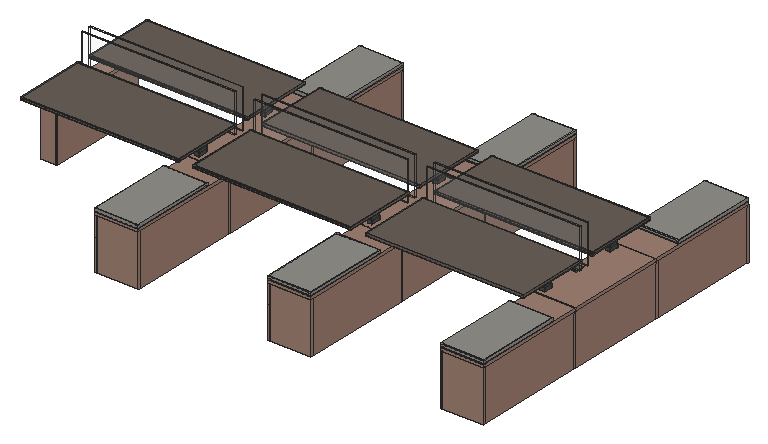
Revit family "T200199", category Furniture, Revit 2015 (continued)
Definition of nested family "STAKS HEIGHT ADJUSTABLE WORK GROUP CABINET Double Sided Dual User"
  Dimensions and locks (in)
    aligned and locked: Extrusion 6 to plane 1 "Center Front/Back"
    aligned and locked: Extrusion 4 to plane 19
    aligned and locked: Extrusion 3 to plane 18
    aligned and locked: plane 11 to Extrusion 8
    aligned and locked: Extrusion 8 to plane 13
    aligned and locked: Extrusion 4 to Extrusion 9
    aligned and locked: Extrusion 6 to Extrusion 9
    aligned and locked: Extrusion 9 to Extrusion 2
    aligned and locked: plane 23 to Extrusion 8
    aligned and locked: Extrusion 8 to plane 22
    aligned and locked: Extrusion 5 to plane 20
    aligned and locked: cut or joined group of Extrusion 7, Extrusion 9 to plane 12
    aligned and locked: plane 25 to Extrusion 11
    aligned and locked: plane 26 to Extrusion 10
    aligned and locked: Extrusion 11 to plane 26
    aligned and locked: plane 11 to Extrusion 1
    aligned and locked: plane 11 to Extrusion 5
    aligned and locked: Extrusion 1 to plane 5 "Front End"
    aligned and locked: Extrusion 2 to plane 5 "Front End"
    aligned and locked: cut or joined group of Extrusion 7, Extrusion 9 to plane 4 "Left End"
    aligned and locked: cut or joined group of Extrusion 7, Extrusion 9 to plane 6 "Right End"
    aligned and locked: Extrusion 1 to plane 12
    aligned and locked: plane 16 to Revolve 12
    aligned and locked: plane 15 to Revolve 13
    aligned and locked: Extrusion 5 to plane 13
    aligned and locked: Extrusion 10 to plane 8 "Height Top"
    aligned and locked: Extrusion 14 to plane 8 "Height Top"
    aligned and locked: Extrusion 15 to plane 25
    aligned and locked: Extrusion 14 to plane 26
    aligned and locked: plane 26 to Extrusion 15
    aligned and locked: plane 24 to Extrusion 16
    aligned and locked: Extrusion 16 to plane 27
    aligned and locked: Blend 17 to plane 25
    aligned and locked: plane 27 to Blend 17
    aligned and locked: Extrusion 18 to plane 24
    aligned and locked: Blend 19 to plane 27
    aligned and locked: plane 27 to Extrusion 18
    aligned and locked: plane 25 to Blend 19
    aligned and locked: Extrusion 26 to plane 24
    aligned and locked: Extrusion 28 to plane 24
    aligned and locked: plane 27 to Blend 27
    aligned and locked: Extrusion 26 to plane 27
    aligned and locked: plane 27 to Blend 29
    aligned and locked: Extrusion 28 to plane 27
    aligned and locked: plane 25 to Blend 27
    aligned and locked: plane 25 to Blend 29
    aligned and locked: Extrusion 21 to plane 25
    aligned and locked: Extrusion 25 to plane 25
    aligned and locked: Extrusion 20 to plane 26
    aligned and locked: plane 26 to Extrusion 21
    aligned and locked: Extrusion 24 to plane 26
    aligned and locked: plane 26 to Extrusion 25
    aligned and locked: plane 18 to Extrusion 2
    aligned and locked: plane 18 to Extrusion 1
    aligned and locked: cut or joined group of Extrusion 6, Extrusion 9 to plane 4 "Left End"
    aligned and locked: cut or joined group of Extrusion 6, Extrusion 9 to plane 6 "Right End"
    aligned and locked: Extrusion 24 to plane 8 "Height Top"
    aligned and locked: plane 8 "Height Top" to Extrusion 14
    aligned and locked: Extrusion 20 to plane 8 "Height Top"
  Automatic sketch dimensions
    Extrusion 1 sketch curve to plane 5 "Front End" = 0.00"
    plane 1 "Center Front/Back" to Extrusion 1 sketch curve = 0.75"
    Extrusion 2 sketch curve to plane 5 "Front End" = 0.00"
    Extrusion 2 sketch curve to plane 6 "Right End" = 0.00"
    Extrusion 2 sketch curve to plane 10 = 0.00"
    Extrusion 2 sketch curve to plane 1 "Center Front/Back" = 0.75"
    Extrusion 3 sketch curve to plane 5 "Front End" = 0.00"
    Extrusion 3 sketch curve to plane 18 = 0.00"
    Extrusion 4 sketch curve to plane 4 "Left End" = 0.00"
    Extrusion 4 sketch curve to plane 6 "Right End" = 0.00"
    Extrusion 4 sketch curve to plane 17 = 0.00"
    plane 1 "Center Front/Back" to Extrusion 4 sketch curve = 0.00"
    Extrusion 5 sketch curve to plane 5 "Front End" = 0.00"
    Extrusion 5 sketch curve to plane 20 = 0.00"
    Extrusion 5 sketch curve to plane 21 = 0.00"
    Extrusion 5 sketch curve to plane 18 = 0.00"
    Extrusion 6 sketch curve to plane 9 = 0.75"
    Extrusion 6 sketch curve to plane 10 = 0.75"
    Extrusion 6 sketch curve to plane 18 = 0.00"
    plane 1 "Center Front/Back" to Extrusion 6 sketch curve = 0.00"
    Extrusion 7 sketch curve to plane 4 "Left End" = 0.00"
    Extrusion 7 sketch curve to plane 6 "Right End" = 0.00"
    plane 17 to Extrusion 7 sketch curve = 0.00"
    Extrusion 7 sketch curve to plane 5 "Front End" = 0.00"
    Extrusion 8 sketch curve to plane 5 "Front End" = 0.00"
    Extrusion 8 sketch curve to plane 22 = 0.00"
    Extrusion 8 sketch curve to plane 23 = 0.00"
    Extrusion 8 sketch curve to plane 18 = 0.00"
    Extrusion 9 sketch curve to plane 11 = 0.00"
    Extrusion 9 sketch curve to plane 21 = 0.00"
    plane 23 to Extrusion 9 sketch curve = 0.00"
    plane 8 "Height Top" to Extrusion 9 sketch curve = 1.3125"
    Extrusion 10 sketch curve to plane 14 = 0.00"
    Extrusion 10 sketch curve to plane 16 = 0.00"
    Extrusion 10 sketch curve to plane 14 = 2.00"
    Extrusion 10 sketch curve to plane 16 = 0.125"  (x2)
    Extrusion 10 sketch curve to Extrusion 10 sketch curve = 3.50"
    Extrusion 10 sketch curve to Extrusion 10 sketch curve = 0.00"
    Extrusion 10 sketch curve to Extrusion 10 sketch curve = 0.125"
    Extrusion 11 sketch curve to plane 14 = 0.1875"
    Extrusion 11 sketch curve to plane 16 = 3.625"
    Extrusion 11 sketch curve to plane 16 = 0.1875"  (x2)
    Extrusion 11 sketch curve to plane 14 = 1.875"
    Extrusion 11 sketch curve to Extrusion 11 sketch curve = 0.0625"  (x3)
    Revolve 12 sketch curve to level = 0.00"
    plane 16 to Revolve 12 sketch curve = 0.00"
    Revolve 12 sketch curve to plane 12 = 0.00"  (x2)
    level to Revolve 12 sketch curve = 0.12502"
    Revolve 12 sketch curve to Revolve 12 sketch curve = 0.06202"
    Revolve 12 sketch curve to Revolve 12 sketch curve = 0.12498"
    Revolve 12 sketch curve to plane 16 = 0.188"  (x2)
    plane 12 to Revolve 12 sketch curve = 0.25"
    Revolve 13 sketch curve to level = 0.00"
    plane 15 to Revolve 13 sketch curve = 0.00"
    Revolve 13 sketch curve to plane 12 = 0.00"  (x2)
    level to Revolve 13 sketch curve = 0.25"
    Revolve 13 sketch curve to Revolve 13 sketch curve = 0.06202"
    Revolve 13 sketch curve to Revolve 13 sketch curve = 0.12498"
    plane 15 to Revolve 13 sketch curve = 0.188"  (x2)
    plane 12 to Revolve 13 sketch curve = 0.25"
    plane 14 to Extrusion 14 sketch curve = 0.00"
    Extrusion 14 sketch curve to plane 15 = 0.00"
    Extrusion 14 sketch curve to plane 14 = 0.125"
    plane 15 to Extrusion 14 sketch curve = 0.125"
    Extrusion 14 sketch curve to Extrusion 14 sketch curve = 3.50"
    Extrusion 14 sketch curve to Extrusion 14 sketch curve = 0.00"
    Extrusion 14 sketch curve to Extrusion 14 sketch curve = 0.125"
    Extrusion 14 sketch curve to Extrusion 14 sketch curve = 1.75"
    Extrusion 15 sketch curve to plane 14 = 0.1875"
    plane 15 to Extrusion 15 sketch curve = 3.625"
    Extrusion 15 sketch curve to plane 14 = 0.125"
    Extrusion 15 sketch curve to Extrusion 15 sketch curve = 0.0625"  (x2)
    plane 15 to Extrusion 15 sketch curve = 0.1875"  (x2)
    Extrusion 15 sketch curve to Extrusion 15 sketch curve = 1.625"
    Extrusion 16 sketch curve to plane 16 = 0.00"  (x2)
    plane 17 to Extrusion 16 sketch curve = 3.375"
    plane 16 to Extrusion 16 sketch curve = 0.125"
    Extrusion 16 sketch curve to plane 14 = 2.125"
    Extrusion 16 sketch curve to Extrusion 16 sketch curve = 3.75"  (x2)
    Extrusion 16 sketch curve to Extrusion 16 sketch curve = 0.125"
    Blend 17 sketch curve to plane 16 = 0.125"
    plane 17 to Blend 17 sketch curve = 2.125"
    Blend 17 sketch curve to Blend 17 sketch curve = 0.125"  (x4)
    Blend 17 sketch curve to Blend 17 sketch curve = 3.25"
    Blend 17 sketch curve to Blend 17 sketch curve = 0.00"
    Blend 17 sketch curve to plane 14 = 1.75"
    Blend 17 sketch curve to plane 16 = 0.00"  (x2)
    plane 17 to Blend 17 sketch curve = 3.375"
    plane 16 to Blend 17 sketch curve = 0.125"
    Blend 17 sketch curve to Blend 17 sketch curve = 3.75"  (x2)
    Blend 17 sketch curve to plane 14 = 2.00"
    Extrusion 18 sketch curve to plane 15 = 0.00"  (x2)
    Extrusion 18 sketch curve to plane 17 = 3.375"
    plane 15 to Extrusion 18 sketch curve = 0.125"
    plane 14 to Extrusion 18 sketch curve = 2.125"
    Extrusion 18 sketch curve to Extrusion 18 sketch curve = 3.75"  (x2)
    Extrusion 18 sketch curve to Extrusion 18 sketch curve = 0.125"
    Blend 19 sketch curve to plane 15 = 0.125"
    Blend 19 sketch curve to plane 17 = 2.125"
    Blend 19 sketch curve to Blend 19 sketch curve = 0.125"  (x4)
    Blend 19 sketch curve to Blend 19 sketch curve = 3.25"
    Blend 19 sketch curve to Blend 19 sketch curve = 0.00"
    plane 14 to Blend 19 sketch curve = 1.75"
    Blend 19 sketch curve to plane 15 = 0.00"  (x2)
    Blend 19 sketch curve to plane 17 = 3.375"
    plane 15 to Blend 19 sketch curve = 0.125"
    Blend 19 sketch curve to Blend 19 sketch curve = 3.75"  (x2)
    plane 14 to Blend 19 sketch curve = 2.00"
    Extrusion 20 sketch curve to plane 16 = 0.00"
    Extrusion 20 sketch curve to plane 16 = 0.125"  (x2)
    Extrusion 20 sketch curve to plane 18 = 0.75"
    Extrusion 20 sketch curve to Extrusion 20 sketch curve = 3.75"
    Extrusion 20 sketch curve to Extrusion 20 sketch curve = 0.00"
    Extrusion 20 sketch curve to Extrusion 20 sketch curve = 0.125"
    Extrusion 20 sketch curve to Extrusion 20 sketch curve = 1.75"
    Extrusion 21 sketch curve to plane 18 = 0.9375"
    Extrusion 21 sketch curve to plane 16 = 3.875"
    Extrusion 21 sketch curve to plane 18 = 0.875"
    Extrusion 21 sketch curve to Extrusion 21 sketch curve = 0.0625"  (x2)
    Extrusion 21 sketch curve to plane 16 = 0.1875"  (x2)
    Extrusion 21 sketch curve to Extrusion 21 sketch curve = 1.625"
    Revolve 22 sketch curve to level = 0.00"
    plane 16 to Revolve 22 sketch curve = 0.00"
    Revolve 22 sketch curve to plane 12 = 0.00"  (x2)
    level to Revolve 22 sketch curve = 0.25"
    Revolve 22 sketch curve to Revolve 22 sketch curve = 0.06202"
    Revolve 22 sketch curve to Revolve 22 sketch curve = 0.12498"
    Revolve 22 sketch curve to plane 16 = 0.188"  (x2)
    plane 12 to Revolve 22 sketch curve = 0.25"
    Revolve 23 sketch curve to level = 0.00"
    plane 15 to Revolve 23 sketch curve = 0.00"
    Revolve 23 sketch curve to plane 12 = 0.00"  (x2)
    level to Revolve 23 sketch curve = 0.12502"
    Revolve 23 sketch curve to plane 15 = 0.06202"
    Revolve 23 sketch curve to Revolve 23 sketch curve = 0.12498"
    plane 15 to Revolve 23 sketch curve = 0.188"  (x2)
    plane 12 to Revolve 23 sketch curve = 0.25"
    Extrusion 24 sketch curve to plane 15 = 0.00"
    Extrusion 24 sketch curve to plane 18 = 2.75"
    plane 15 to Extrusion 24 sketch curve = 0.125"  (x2)
    Extrusion 24 sketch curve to Extrusion 24 sketch curve = 3.50"
    Extrusion 24 sketch curve to plane 18 = 0.75"
    Extrusion 24 sketch curve to Extrusion 24 sketch curve = 0.00"
    Extrusion 24 sketch curve to Extrusion 24 sketch curve = 0.125"
    Extrusion 25 sketch curve to plane 18 = 0.9375"
    plane 15 to Extrusion 25 sketch curve = 3.625"
    plane 15 to Extrusion 25 sketch curve = 0.1875"  (x2)
    Extrusion 25 sketch curve to plane 18 = 2.625"
    Extrusion 25 sketch curve to Extrusion 25 sketch curve = 0.0625"  (x3)
    Extrusion 26 sketch curve to plane 16 = 0.00"  (x2)
    plane 1 "Center Front/Back" to Extrusion 26 sketch curve = 3.375"
    Extrusion 26 sketch curve to plane 16 = 0.125"
    Extrusion 26 sketch curve to Extrusion 26 sketch curve = 4.00"  (x2)
    Extrusion 26 sketch curve to Extrusion 26 sketch curve = 0.125"
    plane 18 to Extrusion 26 sketch curve = 2.75"
    plane 16 to Blend 27 sketch curve = 0.125"
    plane 1 "Center Front/Back" to Blend 27 sketch curve = 2.125"
    Blend 27 sketch curve to Blend 27 sketch curve = 0.125"  (x4)
    Blend 27 sketch curve to Blend 27 sketch curve = 3.50"
    Blend 27 sketch curve to Blend 27 sketch curve = 0.00"
    plane 18 to Blend 27 sketch curve = 2.50"
    Blend 27 sketch curve to plane 16 = 0.00"  (x2)
    plane 1 "Center Front/Back" to Blend 27 sketch curve = 3.375"
    Blend 27 sketch curve to plane 16 = 0.125"
    Blend 27 sketch curve to Blend 27 sketch curve = 4.00"  (x2)
    plane 18 to Blend 27 sketch curve = 2.75"
    Extrusion 28 sketch curve to plane 15 = 0.00"  (x2)
    Extrusion 28 sketch curve to plane 1 "Center Front/Back" = 3.375"
    Extrusion 28 sketch curve to Extrusion 28 sketch curve = 0.125"  (x2)
    Extrusion 28 sketch curve to Extrusion 28 sketch curve = 3.75"
    plane 15 to Extrusion 28 sketch curve = 3.75"
    Extrusion 28 sketch curve to plane 18 = 2.75"
    plane 15 to Blend 29 sketch curve = 0.125"
    Blend 29 sketch curve to plane 1 "Center Front/Back" = 2.125"
    Blend 29 sketch curve to Blend 29 sketch curve = 0.125"  (x4)
    Blend 29 sketch curve to Blend 29 sketch curve = 3.25"
    Blend 29 sketch curve to Blend 29 sketch curve = 0.00"
    Blend 29 sketch curve to plane 18 = 2.50"
    Blend 29 sketch curve to plane 15 = 0.00"  (x2)
    Blend 29 sketch curve to plane 1 "Center Front/Back" = 3.375"
    Blend 29 sketch curve to plane 15 = 0.125"
    Blend 29 sketch curve to Blend 29 sketch curve = 3.75"
    plane 15 to Blend 29 sketch curve = 3.75"
    Blend 29 sketch curve to plane 18 = 2.75"
Definition of nested family "STAKS HEIGHT ADJUSTABLE WORK GROUP CABINET Dual User"
  Parameters (values of type "STAKS HEIGHT ADJUSTABLE WORK GROUP CABINET Dual User")
    Width = 42.00"
    URL = "http://ofs.com"
    Top Material = none
    Top Board Back Offset = 0.00"
    Table Height [instance] = 27.75"
    Depth = 18.00"
    Column Plate Thickness = 2.00"
    Column Material = none
    Box Width = 7.00"
    Board Thick Top = 1.125"
    Board Thick Door = 0.75"
    Board Material = none
    Model = "6-4218HAWC3"
    Manufacturer = "OFS"
    Leg Caps Material = none
    Leg Offset = 2.00"
    Board Thick Internal = 0.75"
    Height = 23.00"
    Description = "OFS STAKS HEIGHT ADJUSTABLE CABINET Dual User (Two Lifting Columns)"
    Copyright © = "© OFS 2018"
    Catalog = "https://ofs.com/products/open-plan/benching/staks"
    Bottom Board Offset = 0.50"
    Board Thick Bot = 1.00"
    Board Thick Sides = 0.75"
    Board Thick Front = 0.75"
    Board Thick Back = 0.75"
    Authoring Version = "Autodesk Revit Architecture 2013"
    Assembly Code = "E2020200"
  Reference planes (in)
    plane 1 "Center Front/Back": y = 0
    plane 2: z = 0
    plane 3 "Center Left/Right": x = 0
    plane 4 "Left End": x = -21
    plane 5 "Front End": y = -17.25
    plane 6 "Right End": x = 21
    plane 7 "Back End": y = 0
    plane 8 "Height Top": z = 23
    plane 9: x = -20.25
    plane 10: x = 20.25
    plane 11: z = 21.875
    plane 12: z = 0.5
    plane 13: z = 1.5
    plane 14: y = -16.5
    plane 15: x = 19
    plane 16: x = -19
    plane 17: y = -18
    plane 18: y = -0.75
    plane 19: y = 0
    plane 20: x = -4.25
    plane 21: x = -3.5
    plane 22: x = 4.25
    plane 23: x = 3.5
    plane 24: z = 27.75
    plane 25: z = 25.75
    plane 26: z = 24.375
    plane 27: z = 26.75
  Forms (in)
    Extrusion 1, solid, material <- "Board Material"
      sketch origin (0, 0, 0) x (1, 0, 0) y (0, 1, 0)
        loop
          line (-21, -0.75) -> (-21, -17.25) -> (-20.25, -17.25) -> (-20.25, -0.75) -> (-21, -0.75)
      from 0.5 to 21.875
    Extrusion 2, solid, material <- "Board Material"
      sketch origin (0, 0, 0) x (-1, 0, 0) y (0, -1, 0)
        loop
          line (-21, 0.75) -> (-20.25, 0.75) -> (-20.25, 17.25) -> (-21, 17.25) -> (-21, 0.75)
      from 0.5 to 21.875
    Extrusion 3, solid, material <- "Board Material"
      sketch origin (0, 0, 0) x (1, 0, 0) y (0, 1, 0)
        loop
          line (-20.25, -0.75) -> (-20.25, -17.25) -> (20.25, -17.25) -> (20.25, -0.75) -> (-20.25, -0.75)
      from 0.5 to 1.5
    Extrusion 4, solid, material <- "Top Material"
      sketch origin (0, 0, 0) x (1, 0, 0) y (0, 1, 0)
        loop
          line (-21, 0) -> (-21, -18) -> (21, -18) -> (21, 0) -> (-21, 0)
      from 21.875 to 23
    Extrusion 5, solid, material <- "Board Material"
      sketch origin (0, 0, 0) x (1, 0, 0) y (0, 1, 0)
        loop
          line (-4.25, -0.75) -> (-4.25, -17.25) -> (-3.5, -17.25) -> (-3.5, -0.75) -> (-4.25, -0.75)
      from 1.5 to 21.875
    Extrusion 6, solid, material <- "Board Material"
      sketch origin (0, 27.875, 0) x (1, 0, 0) y (0, 1, 0)
        loop
          line (-21, -27.875) -> (-21, -28.625) -> (21, -28.625) -> (21, -27.875) -> (-21, -27.875)
      from 0.5 to 21.875
    Extrusion 7, solid, material <- "Board Material"
      sketch origin (0, 0, 0) x (1, 0, 0) y (0, 1, 0)
        loop
          line (21, -17.25) -> (-21, -17.25) -> (-21, -18) -> (21, -18) -> (21, -17.25)
      from 0.5 to 21.875
    Extrusion 8, solid, material <- "Board Material"
      sketch origin (0, 0, 0) x (-1, 0, 0) y (0, -1, 0)
        loop
          line (-4.25, 0.75) -> (-3.5, 0.75) -> (-3.5, 17.25) -> (-4.25, 17.25) -> (-4.25, 0.75)
      from 1.5 to 21.875
    Extrusion 9, void
      sketch origin (0, 0, 0) x (1, 0, 0) y (0, 0, 1)
        loop
          line (3.5, 21.875) -> (-3.5, 21.875)
          arc (-3.5, 21.875) -> (0, 20.04736) -> (3.5, 21.875) r 4.26514
      from 0 to 18
    Extrusion 10, solid, material <- "Column Material"
      sketch origin (7.27539, 70.81173, 0) x (-1, 0, 0) y (0, -1, 0)
        loop
          arc (26.15039, 85.31173) -> (26.23878, 85.34834) -> (26.27539, 85.43673) r 0.125
          line (26.27539, 85.43673) -> (26.27539, 87.18673)
          arc (26.27539, 87.18673) -> (26.23878, 87.27512) -> (26.15039, 87.31173) r 0.125
          line (26.15039, 87.31173) -> (22.65039, 87.31173)
          arc (22.65039, 87.31173) -> (22.562, 87.27512) -> (22.52539, 87.18673) r 0.125
          line (22.52539, 87.18673) -> (22.52539, 85.43673)
          arc (22.52539, 85.43673) -> (22.562, 85.34834) -> (22.65039, 85.31173) r 0.125
          line (22.65039, 85.31173) -> (26.15039, 85.31173)
      from 23 to 24.375
    Extrusion 11, solid, material <- "Column Material"
      sketch origin (7.27539, 70.81173, 0) x (-1, 0, 0) y (0, -1, 0)
        loop
          line (22.71289, 85.43673) -> (26.08789, 85.43673)
          arc (26.08789, 85.43673) -> (26.13208, 85.45504) -> (26.15039, 85.49923) r 0.0625
          line (26.15039, 85.49923) -> (26.15039, 87.12423)
          arc (26.15039, 87.12423) -> (26.13208, 87.16843) -> (26.08789, 87.18673) r 0.0625
          line (26.08789, 87.18673) -> (22.71289, 87.18673)
          arc (22.71289, 87.18673) -> (22.66869, 87.16843) -> (22.65039, 87.12423) r 0.0625
          line (22.65039, 87.12423) -> (22.65039, 85.49923)
          arc (22.65039, 85.49923) -> (22.66869, 85.45504) -> (22.71289, 85.43673) r 0.0625
      from 24.375 to 25.75
    Revolve 12, solid, material <- "Leg Caps Material"
      sketch origin (7.02629, -3.5, 0) x (1, 0, 0) y (0, 0, 1)
        loop
          line (-26.02629, 0.5) -> (-26.02629, 0.25) -> (-26.08831, 0.25)
          arc (-26.08831, 0.25) -> (-26.17668, 0.2134) -> (-26.21329, 0.12502) r 0.12498
          line (-26.21329, 0.12502) -> (-26.21329, 0) -> (-25.83829, 0) -> (-25.83829, 0.5) -> (-26.02629, 0.5)
        axis (-25.83829, 0) -> (-25.83829, 0.5)
      angle from 0 to 360
    Revolve 13, solid, material <- "Leg Caps Material"
      sketch origin (-7.02629, -3.5, 0) x (-1, 0, 0) y (0, 0, -1)
        loop
          line (-26.02629, -0.5) -> (-25.83829, -0.5) -> (-25.83829, 0) -> (-26.21329, 0) -> (-26.21329, -0.12502)
          arc (-26.21329, -0.12502) -> (-26.17668, -0.2134) -> (-26.08831, -0.25) r 0.12498
          line (-26.08831, -0.25) -> (-26.02629, -0.25) -> (-26.02629, -0.5)
        axis (-25.83829, 0) -> (-25.83829, -0.5)
      angle from 0 to 360
    Extrusion 14, solid, material <- "Column Material"
      sketch origin (-7.27539, 70.81173, 0) x (1, 0, 0) y (0, 1, 0)
        loop
          line (26.15039, -85.31173) -> (22.65039, -85.31173)
          arc (22.65039, -85.31173) -> (22.562, -85.34834) -> (22.52539, -85.43673) r 0.125
          line (22.52539, -85.43673) -> (22.52539, -87.18673)
          arc (22.52539, -87.18673) -> (22.562, -87.27512) -> (22.65039, -87.31173) r 0.125
          line (22.65039, -87.31173) -> (26.15039, -87.31173)
          arc (26.15039, -87.31173) -> (26.23878, -87.27512) -> (26.27539, -87.18673) r 0.125
          line (26.27539, -87.18673) -> (26.27539, -85.43673)
          arc (26.27539, -85.43673) -> (26.23878, -85.34834) -> (26.15039, -85.31173) r 0.125
      from 23 to 24.375
    Extrusion 15, solid, material <- "Column Material"
      sketch origin (-7.27539, 70.81173, 0) x (1, 0, 0) y (0, 1, 0)
        loop
          arc (22.71289, -85.43673) -> (22.66869, -85.45504) -> (22.65039, -85.49923) r 0.0625
          line (22.65039, -85.49923) -> (22.65039, -87.12423)
          arc (22.65039, -87.12423) -> (22.66869, -87.16843) -> (22.71289, -87.18673) r 0.0625
          line (22.71289, -87.18673) -> (26.08789, -87.18673)
          arc (26.08789, -87.18673) -> (26.13208, -87.16843) -> (26.15039, -87.12423) r 0.0625
          line (26.15039, -87.12423) -> (26.15039, -85.49923)
          arc (26.15039, -85.49923) -> (26.13208, -85.45504) -> (26.08789, -85.43673) r 0.0625
          line (26.08789, -85.43673) -> (22.71289, -85.43673)
      from 24.375 to 25.75
    Extrusion 16, solid, material <- "Column Material"
      sketch origin (0, 0, 0) x (1, 0, 0) y (0, 1, 0)
        loop
          line (-15.25, -14.375) -> (-19, -14.375)
          arc (-19, -14.375) -> (-19.08839, -14.41161) -> (-19.125, -14.5) r 0.125
          line (-19.125, -14.5) -> (-19.125, -21.25)
          arc (-19.125, -21.25) -> (-19.08839, -21.33839) -> (-19, -21.375) r 0.125
          line (-19, -21.375) -> (-15.25, -21.375)
          arc (-15.25, -21.375) -> (-15.16161, -21.33839) -> (-15.125, -21.25) r 0.125
          line (-15.125, -21.25) -> (-15.125, -14.5)
          arc (-15.125, -14.5) -> (-15.16161, -14.41161) -> (-15.25, -14.375) r 0.125
      from 26.75 to 27.75
    Blend 17, solid, material <- "Column Material"
      base sketch origin (0, 0, 0) x (1, 0, 0) y (0, 1, 0)
        loop
          line (-15.375, -20) -> (-15.375, -14.75)
          arc (-15.375, -14.75) -> (-15.41161, -14.66161) -> (-15.5, -14.625) r 0.125
          line (-15.5, -14.625) -> (-18.75, -14.625)
          arc (-18.75, -14.625) -> (-18.83839, -14.66161) -> (-18.875, -14.75) r 0.125
          line (-18.875, -14.75) -> (-18.875, -20)
          arc (-18.875, -20) -> (-18.83839, -20.08839) -> (-18.75, -20.125) r 0.125
          line (-18.75, -20.125) -> (-15.5, -20.125)
          arc (-15.5, -20.125) -> (-15.41161, -20.08839) -> (-15.375, -20) r 0.125
      top sketch origin (0, 0, 0) x (1, 0, 0) y (0, 1, 0)
        loop
          line (-15.125, -21.25) -> (-15.125, -14.5)
          arc (-15.125, -14.5) -> (-15.16161, -14.41161) -> (-15.25, -14.375) r 0.125
          line (-15.25, -14.375) -> (-19, -14.375)
          arc (-19, -14.375) -> (-19.08839, -14.41161) -> (-19.125, -14.5) r 0.125
          line (-19.125, -14.5) -> (-19.125, -21.25)
          arc (-19.125, -21.25) -> (-19.08839, -21.33839) -> (-19, -21.375) r 0.125
          line (-19, -21.375) -> (-15.25, -21.375)
          arc (-15.25, -21.375) -> (-15.16161, -21.33839) -> (-15.125, -21.25) r 0.125
      from 25.75 to 26.75
    Extrusion 18, solid, material <- "Column Material"
      sketch origin (0, 0, 0) x (-1, 0, 0) y (0, -1, 0)
        loop
          arc (-15.25, 14.375) -> (-15.16161, 14.41161) -> (-15.125, 14.5) r 0.125
          line (-15.125, 14.5) -> (-15.125, 21.25)
          arc (-15.125, 21.25) -> (-15.16161, 21.33839) -> (-15.25, 21.375) r 0.125
          line (-15.25, 21.375) -> (-19, 21.375)
          arc (-19, 21.375) -> (-19.08839, 21.33839) -> (-19.125, 21.25) r 0.125
          line (-19.125, 21.25) -> (-19.125, 14.5)
          arc (-19.125, 14.5) -> (-19.08839, 14.41161) -> (-19, 14.375) r 0.125
          line (-19, 14.375) -> (-15.25, 14.375)
      from 26.75 to 27.75
    Blend 19, solid, material <- "Column Material"
      base sketch origin (0, 0, 0) x (-1, 0, 0) y (0, -1, 0)
        loop
          arc (-15.375, 20) -> (-15.41161, 20.08839) -> (-15.5, 20.125) r 0.125
          line (-15.5, 20.125) -> (-18.75, 20.125)
          arc (-18.75, 20.125) -> (-18.83839, 20.08839) -> (-18.875, 20) r 0.125
          line (-18.875, 20) -> (-18.875, 14.75)
          arc (-18.875, 14.75) -> (-18.83839, 14.66161) -> (-18.75, 14.625) r 0.125
          line (-18.75, 14.625) -> (-15.5, 14.625)
          arc (-15.5, 14.625) -> (-15.41161, 14.66161) -> (-15.375, 14.75) r 0.125
          line (-15.375, 14.75) -> (-15.375, 20)
      top sketch origin (0, 0, 0) x (-1, 0, 0) y (0, -1, 0)
        loop
          arc (-15.125, 21.25) -> (-15.16161, 21.33839) -> (-15.25, 21.375) r 0.125
          line (-15.25, 21.375) -> (-19, 21.375)
          arc (-19, 21.375) -> (-19.08839, 21.33839) -> (-19.125, 21.25) r 0.125
          line (-19.125, 21.25) -> (-19.125, 14.5)
          arc (-19.125, 14.5) -> (-19.08839, 14.41161) -> (-19, 14.375) r 0.125
          line (-19, 14.375) -> (-15.25, 14.375)
          arc (-15.25, 14.375) -> (-15.16161, 14.41161) -> (-15.125, 14.5) r 0.125
          line (-15.125, 14.5) -> (-15.125, 21.25)
      from 25.75 to 26.75
    Revolve 20, solid, material <- "Leg Caps Material"
      sketch origin (7.02629, -14.5, 0) x (1, 0, 0) y (0, 0, -1)
        loop
          line (-26.02629, -0.5) -> (-25.83829, -0.5) -> (-25.83829, 0) -> (-26.21329, 0) -> (-26.21329, -0.12502)
          arc (-26.21329, -0.12502) -> (-26.17668, -0.2134) -> (-26.08831, -0.25) r 0.12498
          line (-26.08831, -0.25) -> (-26.02629, -0.25) -> (-26.02629, -0.5)
        axis (-25.83829, 0) -> (-25.83829, -0.5)
      angle from 0 to 360
    Revolve 21, solid, material <- "Leg Caps Material"
      sketch origin (-7.02629, -14.5, 0) x (-1, 0, 0) y (0, 0, 1)
        loop
          line (-26.02629, 0.5) -> (-26.02629, 0.25) -> (-26.08831, 0.25)
          arc (-26.08831, 0.25) -> (-26.17668, 0.2134) -> (-26.21329, 0.12502) r 0.12498
          line (-26.21329, 0.12502) -> (-26.21329, 0) -> (-25.83829, 0) -> (-25.83829, 0.5) -> (-26.02629, 0.5)
        axis (-25.83829, 0) -> (-25.83829, 0.5)
      angle from 0 to 360
  Cuts and joins
    Extrusion 9 cuts Extrusion 7
  Dimensions and locks (in)
    equal spacing: plane 4 "Left End", plane 3 "Center Left/Right", plane 6 "Right End"
    "Width": plane 4 "Left End" to plane 6 "Right End"
    "Height": plane 8 "Height Top" to level
    "Board Thick Sides": plane 4 "Left End" to plane 9
    "Board Thick Sides": plane 10 to plane 6 "Right End"
    "Board Thick Top": plane 8 "Height Top" to plane 11
    "Board Thick Bot": plane 13 to plane 12
    "Bottom Board Offset": plane 12 to level
    "Board Thick Front": plane 14 to plane 5 "Front End"
    "Leg Offset": plane 15 to plane 6 "Right End"
    "Leg Offset": plane 4 "Left End" to plane 16
    "Board Thick Door": plane 17 to plane 5 "Front End"
    "Board Thick Back": plane 18 to plane 1 "Center Front/Back"
    "Depth": plane 17 to plane 1 "Center Front/Back"
    "Top Board Back Offset": plane 19 to plane 7 "Back End"
    equal spacing: plane 21, plane 3 "Center Left/Right", plane 23
    "Box Width": plane 21 to plane 23
    "Board Thick Internal": plane 23 to plane 22
    "Board Thick Internal": plane 20 to plane 21
    "Table Height": plane 24 to level
    "Column Plate Thickness": plane 24 to plane 25
    equal spacing: plane 25, plane 26, plane 8 "Height Top"
    equal spacing: plane 24, plane 27, plane 25
    aligned and locked: level to plane 2
    aligned and locked: plane 4 "Left End" to Extrusion 1 sketch curve
    aligned and locked: Extrusion 1 sketch curve to plane 9
    aligned and locked: plane 10 to Extrusion 2
    aligned and locked: Extrusion 2 to plane 6 "Right End"
    aligned and locked: plane 12 to Extrusion 2
    aligned and locked: plane 10 to Extrusion 3 sketch curve
    aligned and locked: Extrusion 3 sketch curve to plane 9
    aligned and locked: Extrusion 6 to plane 12
    aligned and locked: Extrusion 3 to plane 13
    aligned and locked: Extrusion 3 to plane 12
    aligned and locked: Extrusion 6 to plane 11
    aligned and locked: Extrusion 2 to plane 11
    aligned and locked: Extrusion 4 to plane 17
    aligned and locked: Extrusion 4 to plane 6 "Right End"
    aligned and locked: Extrusion 4 to plane 4 "Left End"
    aligned and locked: plane 8 "Height Top" to Extrusion 4
    aligned and locked: Extrusion 4 to plane 11
    aligned and locked: Extrusion 7 to plane 11
    aligned and locked: Extrusion 6 to plane 18
    aligned and locked: Extrusion 6 to plane 1 "Center Front/Back"
    aligned and locked: Extrusion 4 to plane 19
    aligned and locked: Extrusion 3 to plane 18
    aligned and locked: plane 11 to Extrusion 8
    aligned and locked: Extrusion 8 to plane 13
    aligned and locked: Extrusion 4 to Extrusion 9
    aligned and locked: Extrusion 6 to Extrusion 9
    aligned and locked: Extrusion 9 to Extrusion 2
    aligned and locked: plane 23 to Extrusion 8
    aligned and locked: Extrusion 8 to plane 22
    aligned and locked: Extrusion 5 to plane 20
    aligned and locked: cut or joined group of Extrusion 7, Extrusion 9 to plane 12
    aligned and locked: plane 25 to Extrusion 11
    aligned and locked: plane 26 to Extrusion 10
    aligned and locked: Extrusion 11 to plane 26
    aligned and locked: plane 11 to Extrusion 1
    aligned and locked: plane 11 to Extrusion 5
    aligned and locked: Extrusion 1 to plane 5 "Front End"
    aligned and locked: Extrusion 2 to plane 5 "Front End"
    aligned and locked: cut or joined group of Extrusion 7, Extrusion 9 to plane 4 "Left End"
    aligned and locked: cut or joined group of Extrusion 7, Extrusion 9 to plane 6 "Right End"
    aligned and locked: Extrusion 1 to plane 12
    aligned and locked: plane 16 to Revolve 12
    aligned and locked: plane 15 to Revolve 13
    aligned and locked: Extrusion 5 to plane 13
    aligned and locked: Extrusion 10 to plane 8 "Height Top"
    aligned and locked: Extrusion 14 to plane 8 "Height Top"
    aligned and locked: Extrusion 15 to plane 25
    aligned and locked: Extrusion 14 to plane 26
    aligned and locked: plane 26 to Extrusion 15
    aligned and locked: plane 24 to Extrusion 16
    aligned and locked: Extrusion 16 to plane 27
    aligned and locked: Blend 17 to plane 25
    aligned and locked: plane 27 to Blend 17
    aligned and locked: Extrusion 18 to plane 24
    aligned and locked: Blend 19 to plane 27
    aligned and locked: plane 27 to Extrusion 18
    aligned and locked: plane 25 to Blend 19
    aligned and locked: Extrusion 6 to plane 4 "Left End"
    aligned and locked: Extrusion 6 to plane 6 "Right End"
    aligned and locked: plane 18 to Extrusion 2
    aligned and locked: plane 18 to Extrusion 1
  Automatic sketch dimensions
    Extrusion 1 sketch curve to plane 5 "Front End" = 0.00"
    plane 1 "Center Front/Back" to Extrusion 1 sketch curve = 0.75"
    Extrusion 2 sketch curve to plane 5 "Front End" = 0.00"
    Extrusion 2 sketch curve to plane 6 "Right End" = 0.00"
    Extrusion 2 sketch curve to plane 10 = 0.00"
    Extrusion 2 sketch curve to plane 1 "Center Front/Back" = 0.75"
    Extrusion 3 sketch curve to plane 5 "Front End" = 0.00"
    Extrusion 3 sketch curve to plane 18 = 0.00"
    Extrusion 4 sketch curve to plane 4 "Left End" = 0.00"
    Extrusion 4 sketch curve to plane 6 "Right End" = 0.00"
    Extrusion 4 sketch curve to plane 17 = 0.00"
    plane 1 "Center Front/Back" to Extrusion 4 sketch curve = 0.00"
    Extrusion 5 sketch curve to plane 5 "Front End" = 0.00"
    Extrusion 5 sketch curve to plane 20 = 0.00"
    Extrusion 5 sketch curve to plane 21 = 0.00"
    Extrusion 5 sketch curve to plane 18 = 0.00"
    Extrusion 6 sketch curve to plane 9 = 0.75"
    Extrusion 6 sketch curve to plane 10 = 0.75"
    Extrusion 6 sketch curve to plane 18 = 0.00"
    plane 1 "Center Front/Back" to Extrusion 6 sketch curve = 0.00"
    Extrusion 7 sketch curve to plane 4 "Left End" = 0.00"
    Extrusion 7 sketch curve to plane 6 "Right End" = 0.00"
    plane 17 to Extrusion 7 sketch curve = 0.00"
    Extrusion 7 sketch curve to plane 5 "Front End" = 0.00"
    Extrusion 8 sketch curve to plane 5 "Front End" = 0.00"
    Extrusion 8 sketch curve to plane 22 = 0.00"
    Extrusion 8 sketch curve to plane 23 = 0.00"
    Extrusion 8 sketch curve to plane 18 = 0.00"
    Extrusion 9 sketch curve to plane 11 = 0.00"
    Extrusion 9 sketch curve to plane 21 = 0.00"
    plane 23 to Extrusion 9 sketch curve = 0.00"
    plane 8 "Height Top" to Extrusion 9 sketch curve = 1.3125"
    Extrusion 10 sketch curve to plane 14 = 0.00"
    Extrusion 10 sketch curve to plane 16 = 0.00"
    Extrusion 10 sketch curve to plane 14 = 2.00"
    Extrusion 10 sketch curve to plane 16 = 0.125"  (x2)
    Extrusion 10 sketch curve to Extrusion 10 sketch curve = 3.50"
    Extrusion 10 sketch curve to Extrusion 10 sketch curve = 0.00"
    Extrusion 10 sketch curve to Extrusion 10 sketch curve = 0.125"
    Extrusion 11 sketch curve to plane 14 = 0.1875"
    Extrusion 11 sketch curve to plane 16 = 3.625"
    Extrusion 11 sketch curve to plane 16 = 0.1875"  (x2)
    Extrusion 11 sketch curve to plane 14 = 1.875"
    Extrusion 11 sketch curve to Extrusion 11 sketch curve = 0.0625"  (x3)
    Revolve 12 sketch curve to level = 0.00"
    plane 16 to Revolve 12 sketch curve = 0.00"
    Revolve 12 sketch curve to plane 12 = 0.00"  (x2)
    level to Revolve 12 sketch curve = 0.12502"
    Revolve 12 sketch curve to Revolve 12 sketch curve = 0.06202"
    Revolve 12 sketch curve to Revolve 12 sketch curve = 0.12498"
    Revolve 12 sketch curve to plane 16 = 0.188"  (x2)
    plane 12 to Revolve 12 sketch curve = 0.25"
    Revolve 13 sketch curve to level = 0.00"
    plane 15 to Revolve 13 sketch curve = 0.00"
    Revolve 13 sketch curve to plane 12 = 0.00"  (x2)
    level to Revolve 13 sketch curve = 0.25"
    Revolve 13 sketch curve to Revolve 13 sketch curve = 0.06202"
    Revolve 13 sketch curve to Revolve 13 sketch curve = 0.12498"
    plane 15 to Revolve 13 sketch curve = 0.188"  (x2)
    plane 12 to Revolve 13 sketch curve = 0.25"
    plane 14 to Extrusion 14 sketch curve = 0.00"
    Extrusion 14 sketch curve to plane 15 = 0.00"
    Extrusion 14 sketch curve to plane 14 = 0.125"
    plane 15 to Extrusion 14 sketch curve = 0.125"
    Extrusion 14 sketch curve to Extrusion 14 sketch curve = 3.50"
    Extrusion 14 sketch curve to Extrusion 14 sketch curve = 0.00"
    Extrusion 14 sketch curve to Extrusion 14 sketch curve = 0.125"
    Extrusion 14 sketch curve to Extrusion 14 sketch curve = 1.75"
    Extrusion 15 sketch curve to plane 14 = 0.1875"
    plane 15 to Extrusion 15 sketch curve = 3.625"
    Extrusion 15 sketch curve to plane 14 = 0.125"
    Extrusion 15 sketch curve to Extrusion 15 sketch curve = 0.0625"  (x2)
    plane 15 to Extrusion 15 sketch curve = 0.1875"  (x2)
    Extrusion 15 sketch curve to Extrusion 15 sketch curve = 1.625"
    Extrusion 16 sketch curve to plane 16 = 0.00"  (x2)
    plane 17 to Extrusion 16 sketch curve = 3.375"
    plane 16 to Extrusion 16 sketch curve = 0.125"
    Extrusion 16 sketch curve to plane 14 = 2.125"
    Extrusion 16 sketch curve to Extrusion 16 sketch curve = 3.75"  (x2)
    Extrusion 16 sketch curve to Extrusion 16 sketch curve = 0.125"
    Blend 17 sketch curve to plane 16 = 0.125"
    plane 17 to Blend 17 sketch curve = 2.125"
    Blend 17 sketch curve to Blend 17 sketch curve = 0.125"  (x4)
    Blend 17 sketch curve to Blend 17 sketch curve = 3.25"
    Blend 17 sketch curve to Blend 17 sketch curve = 0.00"
    Blend 17 sketch curve to plane 14 = 1.75"
    Blend 17 sketch curve to plane 16 = 0.00"  (x2)
    plane 17 to Blend 17 sketch curve = 3.375"
    plane 16 to Blend 17 sketch curve = 0.125"
    Blend 17 sketch curve to Blend 17 sketch curve = 3.75"  (x2)
    Blend 17 sketch curve to plane 14 = 2.00"
    Extrusion 18 sketch curve to plane 15 = 0.00"  (x2)
    Extrusion 18 sketch curve to plane 17 = 3.375"
    plane 15 to Extrusion 18 sketch curve = 0.125"
    plane 14 to Extrusion 18 sketch curve = 2.125"
    Extrusion 18 sketch curve to Extrusion 18 sketch curve = 3.75"  (x2)
    Extrusion 18 sketch curve to Extrusion 18 sketch curve = 0.125"
    Blend 19 sketch curve to plane 15 = 0.125"
    Blend 19 sketch curve to plane 17 = 2.125"
    Blend 19 sketch curve to Blend 19 sketch curve = 0.125"  (x4)
    Blend 19 sketch curve to Blend 19 sketch curve = 3.25"
    Blend 19 sketch curve to Blend 19 sketch curve = 0.00"
    plane 14 to Blend 19 sketch curve = 1.75"
    Blend 19 sketch curve to plane 15 = 0.00"  (x2)
    Blend 19 sketch curve to plane 17 = 3.375"
    plane 15 to Blend 19 sketch curve = 0.125"
    Blend 19 sketch curve to Blend 19 sketch curve = 3.75"  (x2)
    plane 14 to Blend 19 sketch curve = 2.00"
    Revolve 20 sketch curve to level = 0.00"
    plane 16 to Revolve 20 sketch curve = 0.00"
    Revolve 20 sketch curve to plane 12 = 0.00"  (x2)
    level to Revolve 20 sketch curve = 0.25"
    Revolve 20 sketch curve to Revolve 20 sketch curve = 0.06202"
    Revolve 20 sketch curve to Revolve 20 sketch curve = 0.12498"
    Revolve 20 sketch curve to plane 16 = 0.188"  (x2)
    plane 12 to Revolve 20 sketch curve = 0.25"
    Revolve 21 sketch curve to level = 0.00"
    plane 15 to Revolve 21 sketch curve = 0.00"
    Revolve 21 sketch curve to plane 12 = 0.00"  (x2)
    level to Revolve 21 sketch curve = 0.12502"
    Revolve 21 sketch curve to plane 15 = 0.06202"
    Revolve 21 sketch curve to Revolve 21 sketch curve = 0.12498"
    plane 15 to Revolve 21 sketch curve = 0.188"  (x2)
    plane 12 to Revolve 21 sketch curve = 0.25"
Definition of nested family "STAKS BOX-FILE-OPEN SHELVES FLOOR STORAGE Left 42-48"
  Parameters (values of type "STAKS BOX-FILE-OPEN SHELVES FLOOR STORAGE Left, 42in")
    Width = 42.00"
    URL = "http://ofs.com"
    Top Material = none
    Top Board Back Offset = 0.00"
    Table Height [instance] = 27.75"
    Shelf Height = 13.86625"
    Drawers Width = 28.50"
    Drawer Handle Material = none
    Drawer Gap = 0.0625"
    Depth = 18.00"
    Column Plate Thickness = 2.00"
    Column Material = none
    Box Width = 7.00"
    Board Thick Top = 1.125"
    Board Thick Door = 0.75"
    Board Material = none
    Model = "6-4218FSL3"
    Manufacturer = "OFS"
    Leg Caps Material = none
    Leg Offset = 2.00"
    Board Thick Internal = 0.75"
    Height = 23.00"
    Description = "OFS STAKS BOX-FILE-OPEN SHELVES FLOOR STORAGE Left, 42\" Width, One Box Drawer and One File Drawer 30\" Width , One Adjustable Shelf 12\" Width"
    Copyright © = "© OFS 2018"
    Catalog = "https://ofs.com/products/open-plan/benching/staks"
    Bottom Board Offset = 0.50"
    Board Thick Bot = 1.00"
    Board Thick Sides = 0.75"
    Board Thick Front = 0.75"
    Board Thick Back = 0.75"
    Authoring Version = "Autodesk Revit Architecture 2013"
    Assembly Code = "E2020200"
  Types (2): name | Width | Model | Description
    STAKS BOX-FILE-OPEN SHELVES FLOOR STORAGE Left, 42in | 42.00" | "6-4218FSL3" | "OFS STAKS BOX-FILE-OPEN SHELVES FLOOR STORAGE Left, 42\" Width, One Box Drawer and One File Drawer 30\" Width , One Adjustable Shelf 12\" Width"
    STAKS BOX-FILE-OPEN SHELVES FLOOR STORAGE Left, 48in | 48.00" | "6-4818FSL3" | "OFS STAKS BOX-FILE-OPEN SHELVES FLOOR STORAGE Left, 48\" Width, One Box Drawer and One File Drawer 30\" Width , One Adjustable Shelf 18\" Width"
  Reference planes (in)
    plane 1 "Center Front/Back": y = 0
    plane 2: z = 0
    plane 3 "Front End": y = -17.25
    plane 4 "Right End": x = 16.75
    plane 5 "Back End": y = 0
    plane 6 "Height Top": z = 23
    plane 7: x = 16
    plane 8: z = 21.875
    plane 9: z = 0.5
    plane 10: z = 1.5
    plane 11: y = -16.5
    plane 12: x = 14.75
    plane 13: y = -18
    plane 14: y = -0.75
    plane 15: y = 0
    plane 16: z = 13.86625
    plane 17: z = 13.11625
    plane 18: z = 13.92875
    plane 19 "Center Left Right": x = -4.25
    plane 20: x = -24.5
    plane 21: x = 4.75
    plane 22: x = 4
    plane 23: x = -25.25
    plane 24: x = -23.25
    plane 25: x = -20.5
    plane 26: x = 0
    plane 27: x = -0.375
    plane 28: x = -20.125
  Forms (in)
    Extrusion 1, solid, material <- "Board Material"
      sketch origin (0, 0, 0) x (-1, 0, 0) y (0, -1, 0)
        loop
          line (-16.75, 0) -> (-16, 0) -> (-16, 17.25) -> (-16.75, 17.25) -> (-16.75, 0)
      from 0.5 to 21.875
    Extrusion 2, solid, material <- "Board Material"
      sketch origin (0, 0, 0) x (1, 0, 0) y (0, 1, 0)
        loop
          line (-24.5, -0.75) -> (-24.5, -17.25) -> (16, -17.25) -> (16, -0.75) -> (-24.5, -0.75)
      from 0.5 to 1.5
    Extrusion 3, solid, material <- "Top Material"
      sketch origin (0, 0, 0) x (1, 0, 0) y (0, 1, 0)
        loop
          line (-25.25, 0) -> (-25.25, -18) -> (16.75, -18) -> (16.75, 0) -> (-25.25, 0)
      from 21.875 to 23
    Extrusion 4, solid, material <- "Board Material"
      sketch origin (0, 27.875, 0) x (1, 0, 0) y (0, 1, 0)
        loop
          line (-24.5, -27.875) -> (-24.5, -28.625) -> (16, -28.625) -> (16, -27.875) -> (-24.5, -27.875)
      from 0.5 to 21.875
    Revolve 5, solid, material <- "Leg Caps Material"
      sketch origin (-11.27629, -3.5, 0) x (-1, 0, 0) y (0, 0, -1)
        loop
          line (-26.02629, -0.5) -> (-25.83829, -0.5) -> (-25.83829, 0) -> (-26.21329, 0) -> (-26.21329, -0.12502)
          arc (-26.21329, -0.12502) -> (-26.17668, -0.2134) -> (-26.08831, -0.25) r 0.12498
          line (-26.08831, -0.25) -> (-26.02629, -0.25) -> (-26.02629, -0.5)
        axis (-25.83829, 0) -> (-25.83829, -0.5)
      angle from 0 to 360
    Revolve 6, solid, material <- "Leg Caps Material"
      sketch origin (-7.02629, -14.5, 0) x (-1, 0, 0) y (0, 0, 1)
        loop
          line (-21.77629, 0.5) -> (-21.77629, 0.25) -> (-21.83831, 0.25)
          arc (-21.83831, 0.25) -> (-21.92668, 0.2134) -> (-21.96329, 0.12502) r 0.12498
          line (-21.96329, 0.12502) -> (-21.96329, 0) -> (-21.58829, 0) -> (-21.58829, 0.5) -> (-21.77629, 0.5)
        axis (-21.58829, 0) -> (-21.58829, 0.5)
      angle from 0 to 360
    Extrusion 7, solid, material <- "Board Material"
      sketch origin (-29.25, 0, 0) x (-1, 0, 0) y (0, -1, 0)
        loop
          line (-4.75, 0) -> (-4, 0) -> (-4, 17.25) -> (-4.75, 17.25) -> (-4.75, 0)
      from 0.5 to 21.875
    Extrusion 8, solid, material <- "Board Material"
      sketch origin (-14.875, 0, 0) x (-1, 0, 0) y (0, -1, 0)
        loop
          line (-19.625, 0.75) -> (-18.875, 0.75) -> (-18.875, 17.25) -> (-19.625, 17.25) -> (-19.625, 0.75)
      from 1.5 to 21.875
    Revolve 9, solid, material <- "Leg Caps Material"
      sketch origin (2.40129, -3.5, 0) x (1, 0, 0) y (0, 0, 1)
        loop
          line (-25.65129, 0.5) -> (-25.65129, 0.25) -> (-25.71331, 0.25)
          arc (-25.71331, 0.25) -> (-25.80168, 0.2134) -> (-25.83829, 0.12502) r 0.12498
          line (-25.83829, 0.12502) -> (-25.83829, 0) -> (-25.46329, 0) -> (-25.46329, 0.5) -> (-25.65129, 0.5)
        axis (-25.46329, 0) -> (-25.46329, 0.5)
      angle from 0 to 360
    Revolve 10, solid, material <- "Leg Caps Material"
      sketch origin (-2.22371, -14.5, 0) x (1, 0, 0) y (0, 0, -1)
        loop
          line (-21.02629, -0.5) -> (-20.83829, -0.5) -> (-20.83829, 0) -> (-21.21329, 0) -> (-21.21329, -0.12502)
          arc (-21.21329, -0.12502) -> (-21.17668, -0.2134) -> (-21.08831, -0.25) r 0.12498
          line (-21.08831, -0.25) -> (-21.02629, -0.25) -> (-21.02629, -0.5)
        axis (-20.83829, 0) -> (-20.83829, -0.5)
      angle from 0 to 360
    Revolve 11, solid, material <- "Leg Caps Material"
      sketch origin (21.08829, -3.5, 0) x (1, 0, 0) y (0, 0, 1)
        loop
          line (-16.90129, 0.5) -> (-16.90129, 0.25) -> (-16.96331, 0.25)
          arc (-16.96331, 0.25) -> (-17.05168, 0.2134) -> (-17.08829, 0.12502) r 0.12498
          line (-17.08829, 0.12502) -> (-17.08829, 0) -> (-16.71329, 0) -> (-16.71329, 0.5) -> (-16.90129, 0.5)
        axis (-16.71329, 0) -> (-16.71329, 0.5)
      angle from 0 to 360
    Revolve 12, solid, material <- "Leg Caps Material"
      sketch origin (16.46329, -14.5, 0) x (1, 0, 0) y (0, 0, -1)
        loop
          line (-12.27629, -0.5) -> (-12.08829, -0.5) -> (-12.08829, 0) -> (-12.46329, 0) -> (-12.46329, -0.12502)
          arc (-12.46329, -0.12502) -> (-12.42668, -0.2134) -> (-12.33831, -0.25) r 0.12498
          line (-12.33831, -0.25) -> (-12.27629, -0.25) -> (-12.27629, -0.5)
        axis (-12.08829, 0) -> (-12.08829, -0.5)
      angle from 0 to 360
    Extrusion 13, solid, material <- "Board Material"
      sketch origin (-9.66893, 0, 0) x (-1, 0, 0) y (0, -1, 0)
        loop
          line (15.58107, 17.25) -> (15.58107, 18) -> (-14.41893, 18) -> (-14.41893, 17.25) -> (15.58107, 17.25)
      from 0.5 to 13.86625
    Extrusion 14, solid, material <- "Board Material"
      sketch origin (-11.49697, 0, 14.88819) x (-1, 0, 0) y (0, -1, 0)
        loop
          line (13.75303, 17.25) -> (13.75303, 18) -> (-16.24697, 18) -> (-16.24697, 17.25) -> (13.75303, 17.25)
      from -0.95944 to 6.98681
    Extrusion 15, solid, material <- "Drawer Handle Material"
      sketch origin (27.25, 0, 0) x (1, 0, 0) y (0, 1, 0)
        loop
          line (-27.25, -18.875) -> (-27.25, -18) -> (-27.625, -18) -> (-27.625, -18.6875) -> (-47.375, -18.6875) -> (-47.375, -18) -> (-47.75, -18) -> (-47.75, -18.875) -> (-27.25, -18.875)
      from 20.19685 to 20.6656
    Extrusion 16, solid, material <- "Drawer Handle Material"
      sketch origin (27.25, 0, -7) x (1, 0, 0) y (0, 1, 0)
        loop
          line (-27.25, -18.875) -> (-27.25, -18) -> (-27.625, -18) -> (-27.625, -18.6875) -> (-47.375, -18.6875) -> (-47.375, -18) -> (-47.75, -18) -> (-47.75, -18.875) -> (-27.25, -18.875)
      from 20.19685 to 20.6656
    Extrusion 17, solid, material <- "Board Material"
      sketch origin (15.75, 0, 0) x (1, 0, 0) y (0, 0, 1)
        loop
          line (-11, 13.86625) -> (-11, 13.11625) -> (0.25, 13.11625) -> (0.25, 13.86625) -> (-11, 13.86625)
      from 0.75 to 17.25
  Dimensions and locks (in)
    "Height": plane 6 "Height Top" to level
    "Board Thick Sides": plane 7 to plane 4 "Right End"
    "Board Thick Top": plane 6 "Height Top" to plane 8
    "Board Thick Bot": plane 10 to plane 9
    "Bottom Board Offset": plane 9 to level
    "Board Thick Front": plane 11 to plane 3 "Front End"
    "Leg Offset": plane 12 to plane 4 "Right End"
    "Board Thick Door": plane 13 to plane 3 "Front End"
    "Board Thick Back": plane 14 to plane 1 "Center Front/Back"
    "Depth": plane 13 to plane 1 "Center Front/Back"
    "Top Board Back Offset": plane 15 to plane 5 "Back End"
    "Board Thick Internal": plane 16 to plane 17
    "Shelf Height": plane 16 to level
    "Drawer Gap": plane 18 to plane 16
    equal spacing: plane 23, plane 19 "Center Left Right", plane 4 "Right End"
    "Width": plane 4 "Right End" to plane 23
    "Board Thick Internal": plane 21 to plane 22
    "Board Thick Sides": plane 23 to plane 20
    "Drawers Width": plane 20 to plane 22
    "Leg Offset": plane 24 to plane 23
    locked: plane 20 to plane 25 at 4
    locked: plane 26 to plane 22 at 4
    locked: plane 27 to plane 26 at 0.375
    locked: plane 25 to plane 28 at 0.375
    aligned and locked: level to plane 2
    aligned and locked: plane 7 to Extrusion 1
    aligned and locked: Extrusion 1 to plane 4 "Right End"
    aligned and locked: plane 9 to Extrusion 1
    aligned and locked: plane 7 to Extrusion 2 sketch curve
    aligned and locked: Extrusion 4 to plane 9
    aligned and locked: Extrusion 4 to plane 8
    aligned and locked: Extrusion 1 to plane 8
    aligned and locked: Extrusion 3 to plane 13
    aligned and locked: Extrusion 3 to plane 4 "Right End"
    aligned and locked: plane 6 "Height Top" to Extrusion 3
    aligned and locked: Extrusion 3 to plane 8
    aligned and locked: Extrusion 4 to plane 14
    aligned and locked: Extrusion 4 to plane 1 "Center Front/Back"
    aligned and locked: Extrusion 3 to plane 15
    aligned and locked: Extrusion 1 to plane 3 "Front End"
    aligned and locked: plane 12 to Revolve 5
    aligned and locked: plane 20 to Extrusion 7 sketch curve
    aligned and locked: plane 23 to Extrusion 7
    aligned and locked: plane 23 to Extrusion 3
    aligned and locked: plane 20 to Extrusion 2
    aligned and locked: Extrusion 7 to plane 9
    aligned and locked: Extrusion 7 to plane 5 "Back End"
    aligned and locked: plane 20 to Extrusion 4
    aligned and locked: Extrusion 4 to plane 7
    aligned and locked: Extrusion 1 to plane 5 "Back End"
    aligned and locked: plane 23 to Extrusion 14
    aligned and locked: plane 23 to Extrusion 13
    aligned and locked: plane 21 to Extrusion 14
    aligned and locked: plane 21 to Extrusion 13
    aligned and locked: Extrusion 15 to plane 25
    aligned and locked: Extrusion 16 to plane 25
    aligned and locked: Extrusion 15 to plane 28
    aligned and locked: Extrusion 16 to plane 28
    aligned and locked: Extrusion 15 to plane 27
    aligned and locked: Extrusion 16 to plane 27
    aligned and locked: Extrusion 15 to plane 26
    aligned and locked: Extrusion 16 to plane 26
    aligned and locked: plane 13 to Extrusion 13
    aligned and locked: plane 3 "Front End" to Extrusion 13
    aligned and locked: plane 13 to Extrusion 14
    aligned and locked: plane 3 "Front End" to Extrusion 14
    aligned and locked: plane 8 to Extrusion 14
    aligned and locked: Extrusion 14 to plane 18
    aligned and locked: Extrusion 13 to plane 16
    aligned and locked: Extrusion 13 to plane 9
    aligned and locked: Extrusion 17 to plane 21
    aligned and locked: Extrusion 17 to plane 7
    aligned and locked: Extrusion 17 to plane 16
    aligned and locked: plane 17 to Extrusion 17
  Automatic sketch dimensions
    Extrusion 1 sketch curve to plane 3 "Front End" = 0.00"
    Extrusion 1 sketch curve to plane 4 "Right End" = 0.00"
    Extrusion 1 sketch curve to plane 7 = 0.00"
    plane 1 "Center Front/Back" to Extrusion 1 sketch curve = 0.00"
    Extrusion 2 sketch curve to plane 3 "Front End" = 0.00"
    Extrusion 2 sketch curve to plane 20 = 0.00"
    Extrusion 2 sketch curve to plane 14 = 0.00"
    Extrusion 3 sketch curve to plane 13 = 0.00"
    Extrusion 3 sketch curve to plane 23 = 0.00"
    Extrusion 3 sketch curve to plane 4 "Right End" = 0.00"
    plane 1 "Center Front/Back" to Extrusion 3 sketch curve = 0.00"
    Extrusion 4 sketch curve to plane 14 = 0.00"
    Extrusion 4 sketch curve to plane 20 = 0.00"
    Extrusion 4 sketch curve to plane 7 = 0.00"
    plane 1 "Center Front/Back" to Extrusion 4 sketch curve = 0.00"
    Revolve 5 sketch curve to level = 0.00"
    plane 12 to Revolve 5 sketch curve = 0.00"
    Revolve 5 sketch curve to plane 9 = 0.00"  (x2)
    level to Revolve 5 sketch curve = 0.25"
    Revolve 5 sketch curve to Revolve 5 sketch curve = 0.06202"
    Revolve 5 sketch curve to Revolve 5 sketch curve = 0.12498"
    plane 12 to Revolve 5 sketch curve = 0.188"  (x2)
    plane 9 to Revolve 5 sketch curve = 0.25"
    Revolve 6 sketch curve to level = 0.00"
    plane 12 to Revolve 6 sketch curve = 0.00"
    Revolve 6 sketch curve to plane 9 = 0.00"  (x2)
    level to Revolve 6 sketch curve = 0.12502"
    Revolve 6 sketch curve to plane 12 = 0.06202"
    Revolve 6 sketch curve to Revolve 6 sketch curve = 0.12498"
    plane 12 to Revolve 6 sketch curve = 0.188"  (x2)
    plane 9 to Revolve 6 sketch curve = 0.25"
    Extrusion 7 sketch curve to plane 3 "Front End" = 0.00"
    Extrusion 7 sketch curve to plane 23 = 0.00"
    plane 1 "Center Front/Back" to Extrusion 7 sketch curve = 0.00"
    Extrusion 8 sketch curve to plane 3 "Front End" = 0.00"
    Extrusion 8 sketch curve to plane 21 = 0.00"
    Extrusion 8 sketch curve to plane 22 = 0.00"
    Extrusion 8 sketch curve to plane 14 = 0.00"
    Revolve 9 sketch curve to level = 0.00"
    Revolve 9 sketch curve to plane 24 = 0.00"
    Revolve 9 sketch curve to plane 9 = 0.00"  (x2)
    level to Revolve 9 sketch curve = 0.12502"
    Revolve 9 sketch curve to plane 24 = 0.06202"
    Revolve 9 sketch curve to Revolve 9 sketch curve = 0.12498"
    plane 24 to Revolve 9 sketch curve = 0.188"  (x2)
    plane 9 to Revolve 9 sketch curve = 0.25"
    Revolve 10 sketch curve to level = 0.00"
    Revolve 10 sketch curve to plane 24 = 0.00"
    Revolve 10 sketch curve to plane 9 = 0.00"  (x2)
    level to Revolve 10 sketch curve = 0.25"
    Revolve 10 sketch curve to plane 24 = 0.06202"
    Revolve 10 sketch curve to Revolve 10 sketch curve = 0.12498"
    plane 24 to Revolve 10 sketch curve = 0.188"  (x2)
    plane 9 to Revolve 10 sketch curve = 0.25"
    Revolve 11 sketch curve to plane 22 = 0.00"
    Revolve 11 sketch curve to plane 9 = 0.00"  (x2)
    Revolve 11 sketch curve to level = 0.00"
    level to Revolve 11 sketch curve = 0.12502"
    plane 22 to Revolve 11 sketch curve = 0.12498"
    Revolve 11 sketch curve to Revolve 11 sketch curve = 0.06202"
    Revolve 11 sketch curve to Revolve 11 sketch curve = 0.25002"
    Revolve 11 sketch curve to Revolve 11 sketch curve = 0.00"
    plane 9 to Revolve 11 sketch curve = 0.25"
    Revolve 12 sketch curve to plane 22 = 0.00"
    Revolve 12 sketch curve to plane 9 = 0.00"  (x2)
    Revolve 12 sketch curve to level = 0.00"
    level to Revolve 12 sketch curve = 0.25"
    plane 22 to Revolve 12 sketch curve = 0.12498"
    Revolve 12 sketch curve to Revolve 12 sketch curve = 0.06202"
    Revolve 12 sketch curve to Revolve 12 sketch curve = 0.25002"
    Revolve 12 sketch curve to Revolve 12 sketch curve = 0.00"
    plane 9 to Revolve 12 sketch curve = 0.25"
    Extrusion 13 sketch curve to plane 3 "Front End" = 0.00"
    Extrusion 13 sketch curve to plane 21 = 0.00"
    Extrusion 13 sketch curve to plane 13 = 0.00"
    Extrusion 13 sketch curve to plane 23 = 0.00"
    Extrusion 14 sketch curve to plane 3 "Front End" = 0.00"
    Extrusion 14 sketch curve to plane 21 = 0.00"
    Extrusion 14 sketch curve to plane 13 = 0.00"
    Extrusion 14 sketch curve to plane 23 = 0.00"
    Extrusion 15 sketch curve to plane 13 = 0.00"
    Extrusion 15 sketch curve to plane 25 = 0.00"
    Extrusion 15 sketch curve to plane 28 = 0.00"
    Extrusion 15 sketch curve to plane 27 = 0.00"
    plane 13 to Extrusion 15 sketch curve = 0.00"
    Extrusion 15 sketch curve to plane 26 = 0.00"
    plane 13 to Extrusion 15 sketch curve = 0.875"
    Extrusion 15 sketch curve to Extrusion 15 sketch curve = 0.1875"
    Extrusion 16 sketch curve to plane 13 = 0.00"
    Extrusion 16 sketch curve to plane 25 = 0.00"
    Extrusion 16 sketch curve to plane 28 = 0.00"
    Extrusion 16 sketch curve to plane 27 = 0.00"
    plane 13 to Extrusion 16 sketch curve = 0.00"
    Extrusion 16 sketch curve to plane 26 = 0.00"
    plane 13 to Extrusion 16 sketch curve = 0.875"
    Extrusion 16 sketch curve to Extrusion 16 sketch curve = 0.1875"
    Extrusion 17 sketch curve to plane 17 = 0.00"
    Extrusion 17 sketch curve to plane 16 = 0.00"
    plane 21 to Extrusion 17 sketch curve = 0.00"
    Extrusion 17 sketch curve to plane 12 = 1.25"
Definition of nested family "STAKS BOX-FILE-OPEN SHELVES FLOOR STORAGE Right 42-48"
  Parameters (values of type "STAKS BOX-FILE-OPEN SHELVES FLOOR STORAGE Right, 42in")
    Width = 42.00"
    URL = "http://www.ofs.com"
    Top Material = none
    Top Board Back Offset = 0.00"
    Table Height [instance] = 27.75"
    Shelf Height = 13.86625"
    Drawers Width = 28.50"
    Drawer Handle Material = none
    Drawer Gap = 0.0625"
    Depth = 18.00"
    Column Plate Thickness = 2.00"
    Column Material = none
    Box Width = 7.00"
    Board Thick Top = 1.125"
    Board Thick Door = 0.75"
    Board Material = none
    Model = "6-4218FSR3"
    Manufacturer = "OFS"
    Leg Caps Material = none
    Leg Offset = 2.00"
    Board Thick Internal = 0.75"
    Height = 23.00"
    Description = "OFS STAKS BOX-FILE-OPEN SHELVES FLOOR STORAGE Right, 42\" Width, One Box Drawer and One File Drawer 30\" Width, One Adjustable Shelf 12\" Width"
    Copyright © = "© OFS 2018"
    Catalog = "https://ofs.com/products/open-plan/benching/staks"
    Bottom Board Offset = 0.50"
    Board Thick Bot = 1.00"
    Board Thick Sides = 0.75"
    Board Thick Front = 0.75"
    Board Thick Back = 0.75"
    Authoring Version = "Autodesk Revit Architecture 2013"
    Assembly Code = "E2020200"
  Types (2): name | Width | Model | Description
    STAKS BOX-FILE-OPEN SHELVES FLOOR STORAGE Right, 42in | 42.00" | "6-4218FSR3" | "OFS STAKS BOX-FILE-OPEN SHELVES FLOOR STORAGE Right, 42\" Width, One Box Drawer and One File Drawer 30\" Width, One Adjustable Shelf 12\" Width"
    STAKS BOX-FILE-OPEN SHELVES FLOOR STORAGE Right, 48in | 48.00" | "6-4818FSR3" | "OFS STAKS BOX-FILE-OPEN SHELVES FLOOR STORAGE Right, 48\" Width, One Box Drawer and One File Drawer 30\" Width, One Adjustable Shelf 18\" Width"
  Reference planes (in)
    plane 1 "Center Front/Back": y = 0
    plane 2: z = 0
    plane 3 "Front End": y = -17.25
    plane 4 "Right End": x = 16.75
    plane 5 "Back End": y = 0
    plane 6 "Height Top": z = 23
    plane 7: x = 16
    plane 8: z = 21.875
    plane 9: z = 0.5
    plane 10: z = 1.5
    plane 11: y = -16.5
    plane 12: x = 14.75
    plane 13: y = -18
    plane 14: y = -0.75
    plane 15: y = 0
    plane 16: z = 13.86625
    plane 17: z = 13.11625
    plane 18: z = 13.92875
    plane 19 "Center Left Right": x = -4.25
    plane 20: x = -24.5
    plane 21: x = -12.5
    plane 22: x = -13.25
    plane 23: x = -25.25
    plane 24: x = -23.25
    plane 25: x = 12
    plane 26: x = 11.625
    plane 27: x = -8.5
    plane 28: x = -8.125
    plane 29: x = -20.5
